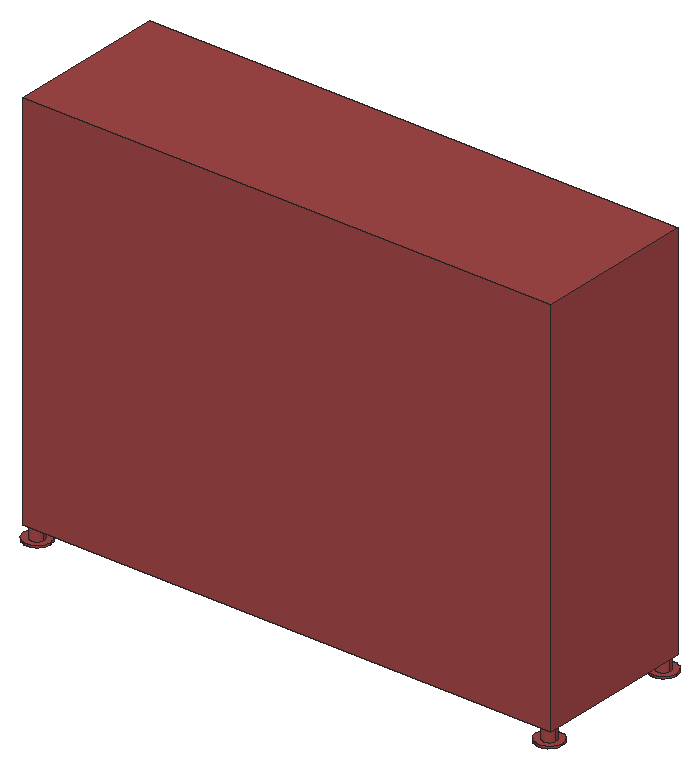
Revit family "FireFighting_Firemain-Booster-Hydrant-Suction-Riser-Set_Galvin_150TE", category Mechanical Equipment, Revit 2011
Parameters (values of type "380139")
  URL = "www.galvinengineering.com.au"
  Type Comments = "380139"
  StyleOrType_ANZRS = "Fire Fighting Equipment"
  ModifiedIssue_ANZRS = 20140330.01  # constant formula
  Model = "380139"
  Manufacturer = "Galvin Engineering"
  Keynote = "10520"
  Instructions = "http://www.galvinengineering.com.au/Installation_Guides_1.aspx"
  FlowRate = 0.00 L/s
  FilterObject_ANZRS = "380139"
  DimWidth = 2000.0 mm
  DimInletRadius = 50.0 mm
  DimHeight = 1500.0 mm  # constant formula
  DimDepth = 600.0 mm  # constant formula
  Description = "WA/NT Firemain Booster & Hydrant Set 150TE [No Suction Riser] with Cabinet (Painted)"
  CreatedBy_ANZRS = "Galvin Engineering"
  CreatedByURL_ANZRS = "www.galvinengineering.com.au"
  CreatedByPhoneNo_ANZRS = "61-8-92495900"
  Assembly Code = "D4030"
Types (3, lengths in mm): name | Type Comments | Model | FilterObject_ANZRS | DimWidth | Description
  (no name) | "380139" | "380139" | "380139" | 2000.0 | "WA/NT Firemain Booster & Hydrant Set 150TE [No Suction Riser] with Cabinet (Painted)"
  380139 | "380139" | "380139" | "380139" | 2000.0 | "WA/NT Firemain Booster & Hydrant Set 150TE [No Suction Riser] with Cabinet (Painted)"
  380139SR | "380139SR" | "380139SR" | "380139SR" | 2400.0 | "WA/NT Firemain Booster, Hydrant & Suction Riser Set 150TE with Cabinet (Painted)"
Reference planes
  plane 1 "Center (Front/Back)": y = 0
  plane 2 "Bottom": z = 0
  plane 3 "Center (Left/Right)": x = 0
  plane 4 "Back": y = 300
  plane 5 "Front": y = -300
  plane 6 "Left": x = -1000
  plane 7 "Right": x = 1000
  plane 8: z = 1500
  plane 9 "Inlet1": x = -525
  plane 10 "Inlet2": x = 520
  plane 11 "InletOutlet": y = -50
Forms (mm)
  Extrusion 1, solid, material "Metal_Fire-Fighting_Zincalume-Steel-Powder-Coated_15400"
    sketch origin (0, 0, 0) x (1, 0, 0) y (0, 0, 1)
      loop
        line (-1000, 1500) -> (-1000, 50) -> (1000, 50) -> (1000, 1500) -> (-1000, 1500)
      loop
        line (-975, 75) -> (975, 75) -> (975, 1475) -> (-975, 1475) -> (-975, 75)
    from -300 to 300
  Extrusion 2, solid, material "Metal_Fire-Fighting_Zincalume-Steel-Powder-Coated_15400"
    sketch origin (0, -300, 0) x (1, 0, 0) y (0, 0, -1)
      loop
        line (-1000, -1500) -> (1000, -1500) -> (1000, -50) -> (-1000, -50) -> (-1000, -1500)
    from 0 to 25
  Extrusion 3, solid, material "Metal_Fire-Fighting_Zincalume-Steel-Powder-Coated_15400"
    sketch origin (0, 300, 0) x (1, 0, 0) y (0, 0, 1)
      loop
        line (-1000, 1500) -> (-1000, 50) -> (1000, 50) -> (1000, 1500) -> (-1000, 1500)
    from 0 to 25
  Extrusion 4, solid, material "Metal_Fire-Fighting_Zincalume-Steel-Powder-Coated_15400"
    sketch origin (0, 0, 0) x (1, 0, 0) y (0, 1, 0)
      loop
        circle (-970, 270) r 50
      loop
        circle (-970, -270) r 50
      loop
        circle (970, 270) r 50
      loop
        circle (970, -270) r 50
    from 0 to 6
  Extrusion 5, solid, material "Metal_Fire-Fighting_Zincalume-Steel-Powder-Coated_15400"
    sketch origin (0, 0, 0) x (1, 0, 0) y (0, 1, 0)
      loop
        circle (-970, 270) r 25
      loop
        circle (-970, -270) r 25
      loop
        circle (970, 270) r 25
      loop
        circle (970, -270) r 25
    from 6 to 50
  Extrusion 6, solid, material "Metal_Fire-Fighting_Brass_15400"
    sketch origin (0, 0, 0) x (1, 0, 0) y (0, 1, 0)
      loop
        circle (-525, -50) r 50
      loop
        circle (520, -50) r 50
    from 0 to 50
Cuts and joins
  joined: Extrusion 1, Extrusion 2, Extrusion 3
Lines and regions (mm)
  model lines
    curve 1: line (-975, -300, 1475) -> (-975, -300, 75)
    curve 2: line (975, -300, 1475) -> (-975, -300, 1475)
    curve 3: line (-975, -300, 75) -> (975, -300, 75)
    curve 4: line (975, -300, 75) -> (975, -300, 1475)
    curve 5: line (0, -300, 1475) -> (0, -300, 75)
Dimensions and locks
  "DimHeight": plane 8 to plane 2 "Bottom"
  "DimWidth": plane 6 "Left" to plane 7 "Right"
  "DimDepth": plane 5 "Front" to plane 4 "Back"
  locked: plane 10 "Inlet2" to plane 9 "Inlet1" at 1045
  locked: plane 9 "Inlet1" to plane 6 "Left" at 475
  plane 11 "InletOutlet" to plane 5 "Front" = 250.0 mm
  equal spacing: plane 6 "Left", plane 3 "Center (Left/Right)", plane 7 "Right"
  aligned and locked: plane 2 "Bottom" to level
  aligned and locked: Extrusion 1 sketch curve to plane 6 "Left"
  aligned and locked: Extrusion 1 sketch curve to plane 8
  aligned and locked: plane 7 "Right" to Extrusion 1 sketch curve
  aligned and locked: Extrusion 1 to plane 4 "Back"
  aligned and locked: Extrusion 1 to plane 5 "Front"
  aligned and locked: Extrusion 2 sketch curve to plane 6 "Left"
  aligned and locked: Extrusion 2 sketch curve to plane 8
  aligned and locked: plane 7 "Right" to Extrusion 2 sketch curve
  aligned and locked: Extrusion 3 sketch curve to plane 6 "Left"
  aligned and locked: Extrusion 3 sketch curve to plane 8
  aligned and locked: plane 7 "Right" to Extrusion 3 sketch curve
  aligned and locked: plane 11 "InletOutlet" to Extrusion 6 sketch curve  (x2)
  aligned and locked: plane 9 "Inlet1" to Extrusion 6 sketch curve
  aligned and locked: plane 10 "Inlet2" to Extrusion 6 sketch curve
Automatic sketch dimensions
  plane 6 "Left" to Extrusion 1 sketch curve = 25.0 mm
  plane 7 "Right" to Extrusion 1 sketch curve = 25.0 mm
  Extrusion 1 sketch curve to Extrusion 1 sketch curve = 25.0 mm
  plane 8 to Extrusion 1 sketch curve = 25.0 mm
  Extrusion 2 sketch curve to level = 50.0 mm
  level to Extrusion 3 sketch curve = 50.0 mm
  curve 5 to plane 3 "Center (Left/Right)" = 0.0 mm
  curve 1 to plane 6 "Left" = 25.0 mm
  curve 4 to plane 7 "Right" = 25.0 mm
  curve 3 to level = 75.0 mm
  curve 2 to plane 8 = 25.0 mm
  plane 6 "Left" to Extrusion 4 sketch curve = 30.0 mm  (x2)
  plane 7 "Right" to Extrusion 4 sketch curve = 30.0 mm  (x2)
  plane 5 "Front" to Extrusion 4 sketch curve = 30.0 mm  (x2)
  plane 4 "Back" to Extrusion 4 sketch curve = 30.0 mm  (x2)
  plane 6 "Left" to Extrusion 5 sketch curve = 30.0 mm  (x2)
  plane 7 "Right" to Extrusion 5 sketch curve = 30.0 mm  (x2)
  plane 5 "Front" to Extrusion 5 sketch curve = 30.0 mm  (x2)
  plane 4 "Back" to Extrusion 5 sketch curve = 30.0 mm  (x2)
  level to Extrusion 1 sketch curve = 75.0 mm
  radius of Extrusion 4 sketch curve = 50.0 mm  (x4)
  radius of Extrusion 5 sketch curve = 25.0 mm  (x4)
  radius of Extrusion 6 sketch curve = 50.0 mm  (x2)
Connectors
  piping at (-525, -50, 0), driven by "DimInletRadius", driven by "FlowRate"
    settings: on Extrusion 6, index 1, connector radius 50 mm, flow factor 0, pipe flow 0.00 L/s, pressure drop 0.0 Pa, fitting loss kfactor 0, connector angle 0.00°, fixture units 0, engagement length 0.0 mm, flow configuration 2, flow direction 1, fitting loss method 4, system type 23, joint type 0, gender type 0, connector reference index -1, connector utility 0, adjustable connector no, is connector primary yes, fitting loss table "", connector description "Inlet"
  piping at (520, -50, 0), driven by "DimInletRadius", driven by "FlowRate"
    settings: on Extrusion 6, index 3, connector radius 50 mm, flow factor 0, pipe flow 0.00 L/s, pressure drop 0.0 Pa, fitting loss kfactor 0, connector angle 0.00°, fixture units 0, engagement length 0.0 mm, flow configuration 2, flow direction 2, fitting loss method 4, system type 23, joint type 0, gender type 0, connector reference index -1, connector utility 0, adjustable connector no, is connector primary no, fitting loss table "", connector description "Inlet"
